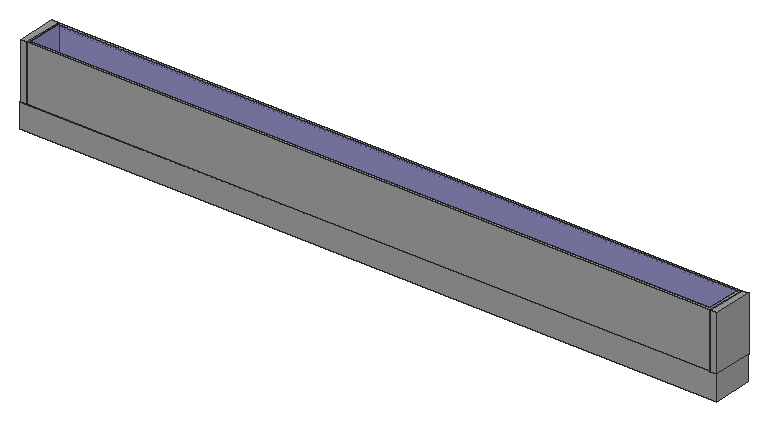
Revit family "84380_HOST_FACE", category Lighting Fixtures, host Face, Revit 2015
Parameters (values of type "Facade floodlights")
  Wattage = 13.4104 W
  built-in parameter 1150110 = 1 (stored number, unit not read)
  URL = "www.bega-us.com"
  built-in parameter 1114217 = 1 (stored number, unit not read)
  Tilt Angle = 90.00°
  built-in parameter 1150109 = 1 (stored number, unit not read)
  built-in parameter 1150134 = (empty or 0)
  Telephone = "805.684.0533"
  built-in parameter 1150113 = 1 (stored number, unit not read)
  Photometric Web File = "84380K27.ies"
  Model = "84 380"
  Manufacturer = "BEGA-US"
  built-in parameter 1150105 = 158.52 (stored number, unit not read)
  Lumens = 1992 lm
  built-in parameter 1150115 = 1 (stored number, unit not read)
  built-in parameter 1150137 = (empty or 0)
  built-in parameter 1150139 = (empty or 0)
  built-in parameter 1150112 = 1 (stored number, unit not read)
  built-in parameter 1150114 = 1 (stored number, unit not read)
  Lamp = "25.6W LED"
  built-in parameter 1150132 = 2
  built-in parameter 1150102 = (empty or 0)
  built-in parameter 1150107 = 3000 (stored number, unit not read)
  built-in parameter 1150138 = (empty or 0)
  built-in parameter 1150106 = 1.5852 (stored number, unit not read)
  built-in parameter 1150104 = 13.8 (stored number, unit not read)
  Dimming Lamp Color Temperature Shift = <None>
  Description = "Facade floodlight - asymmetric"
  Default Elevation = 0' - 0"
  Color Filter = 16777215
  built-in parameter 1114218 = 1 (stored number, unit not read)
  built-in parameter 1150133 = 10 (stored number, unit not read)
Types (5): name | Wattage | built-in parameter 1150134 | Photometric Web File | Model | built-in parameter 1150105 | Lumens | Lamp | built-in parameter 1150107 | built-in parameter 1150106 | Description | Default Elevation
  (no name) | 13.4104 W | (empty or 0) | "84380K27.ies" | "84 380" | 158.52 (stored number, unit not read) | 1992 lm | "25.6W LED" | 3000 (stored number, unit not read) | 1.5852 (stored number, unit not read) | "Facade floodlight - asymmetric" | 0' - 0"
  Wall Luminaires - Directed Light | 18.4392 W | (empty or 0) | "generic" | "2260LED" | 217.96 (stored number, unit not read) | 2739 lm | "44.6W LED" | 3000 (stored number, unit not read) | 2.1796 (stored number, unit not read) | "Surface wall with cutoff optics" | 6' - 0"
  Wall Luminaires - Linear | 9.92985 W | 9 | "generic" | "4425P" | 117.38 (stored number, unit not read) | 1475 lm | "(1) 39W CF twin-4-p" | 3450 (stored number, unit not read) | 1.1738 (stored number, unit not read) | "Suface wall - linear with white acrylic diffuser" | 6' - 0"
  Ceiling and Wall Luminaires - Unshielded | 2.66591 W | (empty or 0) | "33508.ies" | "33 508" | 31.513 (stored number, unit not read) | 396 lm | "8.4W LED" | 3000 (stored number, unit not read) | 0.31513 (stored number, unit not read) | "LED ceiling and wall luminaires - impact resistant" | 6' - 0"
  Facade floodlights | 13.4104 W | (empty or 0) | "84380K27.ies" | "84 380" | 158.52 (stored number, unit not read) | 1992 lm | "25.6W LED" | 3000 (stored number, unit not read) | 1.5852 (stored number, unit not read) | "Facade floodlight - asymmetric" | 0' - 0"
Reference planes (in)
  plane 1 "Center (Front/Back)": y = 0
  plane 2: z = 0
  plane 3 "Center (Left/Right)": x = 0
Dimensions and locks (in)
  aligned and locked: plane 2 to host face
  aligned and locked: level to host face
Nested families (in)
  nested 1: "77153" at (0, 0, 0), type "77153"
Connectors (in)
  electrical at (0, 0, 0)
    settings: on host face, index 1, voltage 0 V, apparent load 0 VA, apparent load phase1 0 VA, apparent load phase2 0 VA, apparent load phase3 0 VA, power factor 1, load classification "Other", number of poles 1, system type 31, power factor state 1, is connector primary yes, connector utility no, sub classification motor no, connector description ""
Definition of nested family "77153"
  Reference planes (in)
    plane 1 "Center (Front/Back)": y = 0
    plane 2: z = 0
    plane 3 "Center (Left/Right)": x = 0
  Forms (in)
    Extrusion 1, solid
      sketch origin (0, 0, 0) x (1, 0, 0) y (0, 1, 0)
        loop
          line (19.6875, 1.125) -> (-19.6875, 1.125) -> (-19.6875, -1.125) -> (19.6875, -1.125) -> (19.6875, 1.125)
      from 1.375 to 0
    Extrusion 2, solid
      sketch origin (0, 0, 0) x (1, 0, 0) y (0, 1, 0)
        loop
          line (-19.6875, 1.125) -> (-19.6875, -1.125) -> (-19.3125, -1.125) -> (-19.3125, 1.125) -> (-19.6875, 1.125)
        loop
          line (19.6875, 1.125) -> (19.3125, 1.125) -> (19.3125, -1.125) -> (19.6875, -1.125) -> (19.6875, 1.125)
      from 1.375 to 4.5
    Extrusion 3, solid
      sketch origin (0, 0, 0) x (1, 0, 0) y (0, 1, 0)
        loop
          line (-19.3125, 1.125) -> (-19.3125, -1.125) -> (19.3125, -1.125) -> (19.3125, 1.125) -> (-19.3125, 1.125)
        loop
          line (-19.1875, 1) -> (-19.1875, -1) -> (19.1875, -1) -> (19.1875, 1) -> (-19.1875, 1)
      from 1.375 to 4.5
    Extrusion 4, solid
      sketch origin (0, 0, 0) x (1, 0, 0) y (0, 1, 0)
        loop
          line (-19.1875, 1) -> (-19.1875, -1) -> (19.1875, -1) -> (19.1875, 1) -> (-19.1875, 1)
      from 4.375 to 4.5
  Dimensions and locks (in)
    aligned and locked: plane 2 to level
